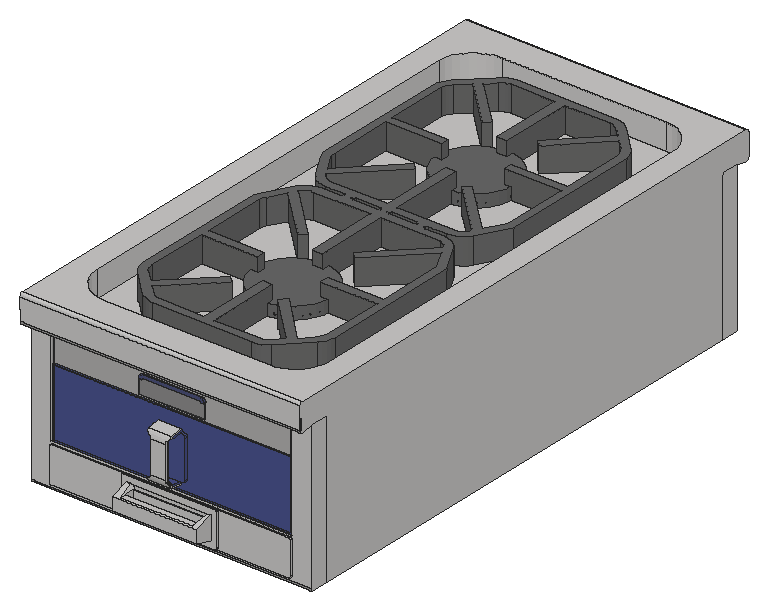
Revit family "QF_ELECTROLUXPROFESSIONAL_588049_MAGCACDOPI", category Specialty Equipment, Revit 2018 (continued)
Definition of nested family "EG_800_500_Single Range Control Handle Back Panel"
  Definition of nested family "Range Control Handle"
    Lines and regions (mm)
      symbolic lines
        curve 6: spline (-10.213, -20.609, 0) -> (-10.691, -20.537, 0) -> (-11.169, -20.458, 0) -> (-11.646, -20.37, 0) -> (-12.122, -20.274, 0) -> (-12.597, -20.171, 0) -> (-13.07, -20.059, 0) -> (-13.542, -19.94, 0) -> (-14.013, -19.813, 0) -> (-14.483, -19.678, 0) -> (-14.951, -19.536, 0) -> (-15.417, -19.385, 0) -> (-15.881, -19.227, 0)
        curve 7: line (-15.881, -19.227, 0) -> (-15.881, -16.9, 0)
  Definition of nested family "glass conrol panel"
    Reference planes
      plane 1 "Center (Front/Back)": y = 0
      plane 2: z = 0
      plane 3 "Center (Left/Right)": x = 0
    Forms (mm)
      Extrusion 1, solid
        sketch origin (378.286, 0, 0.617) x (1, 0, 0) y (0, 0, 1)
          loop
            line (-550.286, 806.791) -> (-550.286, 708.497) -> (-206.286, 708.497) -> (-206.286, 806.791) -> (-550.286, 806.791)
        from 300.031 to 304.8
      Extrusion 2, solid
        sketch origin (378.286, 0, 0.617) x (1, 0, 0) y (0, 0, 1)
          loop
            line (-550.286, 850.497) -> (-550.286, 806.791) -> (-206.286, 806.791) -> (-206.286, 850.497) -> (-550.286, 850.497)
        from 300.031 to 304.8
      Extrusion 3, void
        sketch origin (378.286, 0, 0.617) x (1, 0, 0) y (0, 0, 1)
          loop
            line (-547.628, 847.565) -> (-547.628, 710.699) -> (-209.196, 710.699) -> (-209.196, 847.565) -> (-547.628, 847.565)
        from 303.697 to 304.8
      Extrusion 4, solid
        sketch origin (-308.309, 1.101, -0.633) x (-1, 0, 0) y (0, 0, -1)
          loop
            line (-261.431, -812.62) -> (-355.186, -812.62) -> (-355.186, -834.177) -> (-350.269, -834.177) -> (-348.469, -835.977) -> (-268.039, -835.977) -> (-266.24, -834.177) -> (-261.431, -834.177) -> (-261.431, -812.62)
        from 304.798 to 306.745
      Extrusion 5, solid
        sketch origin (-308.309, 1.101, -0.633) x (-1, 0, 0) y (0, 0, -1)
          loop
            line (-350.269, -834.177) -> (-355.078, -834.177)
            arc (-355.078, -834.177) -> (-353.942, -838.747) -> (-349.686, -840.763) r 5.5
            line (-349.686, -840.763) -> (-266.98, -840.763)
            arc (-266.98, -840.763) -> (-262.706, -838.752) -> (-261.529, -834.177) r 5.549
            line (-261.529, -834.177) -> (-266.24, -834.177) -> (-268.039, -835.977) -> (-348.469, -835.977) -> (-350.269, -834.177)
        from 304.798 to 306.745
    Cuts and joins
      Extrusion 3 cuts Extrusion 1
      Extrusion 3 cuts Extrusion 2
    Dimensions and locks
      aligned and locked: Extrusion 1 to Extrusion 2
      aligned and locked: Extrusion 5 sketch curve to Extrusion 4  (x5)
      aligned and locked: Extrusion 5 to Extrusion 4
